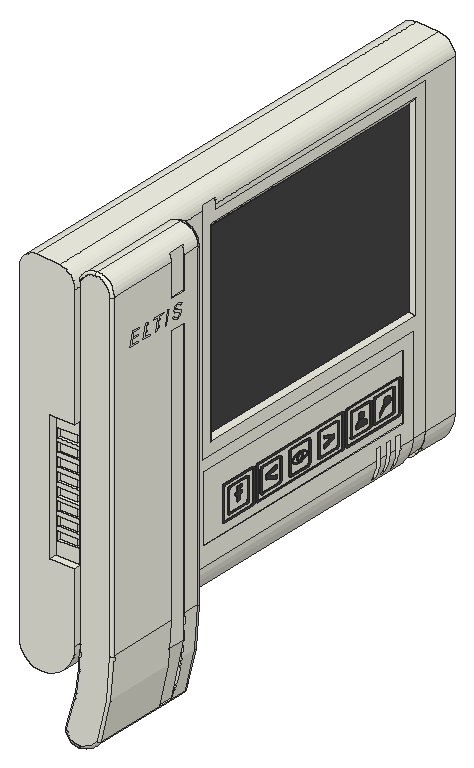
Revit family "Видеоманитор VM500-5.1CL", category Устройства вызова и оповещения, Revit 2017
Family settings
  Сохранять ориентацию аннотаций = Нет
  Размер круглого соединителя = Использовать диаметр
  Тип детали = Нормальный
  На основе рабочей плоскости = Нет
  Всегда вертикально = Да
  При загрузке вырезать с полостями = Нет
  Общий = Нет
  Точка расчета площади = Нет
Parameters (values of type "Видеомонитор VM500-5.1CL")
  Отступ от грани [instance] = 0 mm
  Описание = "Видеомонитор VM500-5.1CL"
  Градус [instance] = if(Вертикальные, 0.00°, 90.00°)  # 0.00°
  Горизонтальное [instance] = not(Вертикальные)  # no
  Вертикальные [instance] = yes
  URL = "https://www.eltis.com/catalog/videomonitory/530/2528/"
  ADSK_Этаж [instance] = ""
  ADSK_Обозначение = "VM500-5.1CL"
  ADSK_Наименование краткое = "Видеомонитор"
  ADSK_Наименование = "Видеомонитор VM500-5.1CL"
  ADSK_Масса = 0.5
  ADSK_Марка = "VM500-5.1CL"
  ADSK_Завод-изготовитель = "ELTIS"  # constant formula
Reference planes
  plane 1 "По центру (Вперед/Назад)": y = 0
  plane 2: z = 0
  plane 3 "Е1": x = 0
  plane 4 "Е1Е": z = 0
Lines and regions (mm)
  reference lines
    curve 1: line (1, 0, 1) -> (461, 0, 1)
Dimensions and locks
  "Отступ от грани": plane 4 "Е1Е" to level
  locked: curve 1 to plane 3 "Е1" at 1
  locked: curve 1 to plane 4 "Е1Е" at 1
  "Градус": angle plane 4 "Е1Е" to curve 1
  aligned and locked: level to plane 2
  aligned and locked: plane 1 "По центру (Вперед/Назад)" to nested 1
  aligned and locked: nested 1 to plane 3 "Е1"
  aligned and locked: plane 4 "Е1Е" to nested 2
  aligned and locked: nested 2 to plane 1 "По центру (Вперед/Назад)"
Nested families
  nested 1: "В_1" at (-44.185, -48.244, 0), visible <- "Горизонтальное", type "В_1"
    with Материал черный Черный пластик, Материал Бежевый пластик
  nested 2: "В_1" at (0, 28.071, -25.748) x (0, 1, 0) z (1, 0, 0), visible <- "Вертикальные", type "В_1"
    with Материал черный Черный пластик, Материал Бежевый пластик
Connectors
  electrical at (1, 0, 1)
    settings: on curve 1, index 1, voltage 0 V, apparent load 0 VA, apparent load phase1 0 VA, apparent load phase2 0 VA, apparent load phase3 0 VA, power factor 1, load classification "Прочее", number of poles 1, system type 12, power factor state 1, is connector primary yes, connector utility no, sub classification motor no, connector description ""
Definition of nested family "В_1"
  Parameters (values of type "В_1")
    Default Elevation = 1219.2 mm
    Материал черный [instance] = none
    Материал [instance] = none
  Reference planes
    plane 1 "По центру (Вперед/Назад)": y = 0
    plane 2: z = 0
    plane 3 "По центру (Влево/Вправо)": x = 0
    plane 4: y = 155
    plane 5 "Е1": x = 98.929
    plane 6 "1У": x = -98.929
  Forms (mm)
    Extrusion 1, solid
      sketch origin (0, 0, 0) x (1, 0, 0) y (0, 1, 0)
        loop
          line (-1219.2, 1219.2) -> (-1219.2, -1219.2) -> (1219.2, -1219.2) -> (1219.2, 1219.2) -> (-1219.2, 1219.2)
      from 0 to -304.8
    Extrusion 2, solid, material <- "Материал", detail levels medium+fine
      sketch origin (-98.929, 0, 0) x (0, 1, 0) y (0, 0, 1)
        loop
          arc (147.992, 5) -> (152.947, 7.053) -> (155, 12.008) r 7.008
          line (155, 12.008) -> (154.35, 21.441)
          arc (154.35, 21.441) -> (152.143, 26.092) -> (147.361, 28) r 7.044
          line (147.361, 28) -> (14, 28)
          arc (14, 28) -> (4.133, 23.913) -> (0.046, 14.046) r 13.954
          arc (0.046, 14.046) -> (1.965, 8.078) -> (7.427, 5) r 8.594
          line (7.427, 5) -> (147.992, 5)
      from 0 to 197.858
    Extrusion 3, void
      sketch origin (-98.929, 0, 0) x (0, 1, 0) y (0, 0, 1)
        loop
          line (96.92, 17.544) -> (96.92, 28) -> (43.08, 28) -> (43.08, 17.544) -> (96.92, 17.544)
      from 0 to 3
    Extrusion 4, void
      sketch origin (-98.929, 0, 0) x (0, 1, 0) y (0, 0, 1)
        loop
          line (91.166, 25.982) -> (91.166, 28) -> (87.349, 28) -> (87.349, 25.982) -> (91.166, 25.982)
        loop
          line (85.565, 28) -> (81.844, 28) -> (81.844, 25.982) -> (85.565, 25.982) -> (85.565, 28)
        loop
          line (80.059, 28) -> (76.344, 28) -> (76.344, 25.982) -> (80.059, 25.982) -> (80.059, 28)
        loop
          line (74.559, 28) -> (70.86, 28) -> (70.86, 25.982) -> (74.559, 25.982) -> (74.559, 28)
        loop
          line (69.075, 28) -> (65.36, 28) -> (65.36, 25.982) -> (69.075, 25.982) -> (69.075, 28)
        loop
          line (63.575, 28) -> (59.908, 28) -> (59.908, 25.982) -> (63.575, 25.982) -> (63.575, 28)
        loop
          line (58.124, 28) -> (54.402, 28) -> (54.402, 25.982) -> (58.124, 25.982) -> (58.124, 28)
        loop
          line (52.617, 28) -> (48.942, 28) -> (48.942, 25.982) -> (52.617, 25.982) -> (52.617, 28)
      from 0 to 39.537
    Extrusion 5, void
      sketch origin (-98.929, 0, 0) x (0, 1, 0) y (0, 0, 1)
        loop
          line (91.166, 25.982) -> (87.349, 25.982) -> (87.349, 18.456) -> (91.166, 18.456) -> (91.166, 25.982)
        loop
          line (85.565, 25.982) -> (81.844, 25.982) -> (81.844, 18.456) -> (85.565, 18.456) -> (85.565, 25.982)
        loop
          line (80.059, 25.982) -> (76.338, 25.982) -> (76.338, 18.456) -> (80.059, 18.456) -> (80.059, 25.982)
        loop
          line (74.559, 25.982) -> (70.838, 25.982) -> (70.838, 18.456) -> (74.559, 18.456) -> (74.559, 25.982)
        loop
          line (69.075, 25.982) -> (65.354, 25.982) -> (65.354, 18.456) -> (69.075, 18.456) -> (69.075, 25.982)
        loop
          line (63.575, 25.982) -> (59.907, 25.982) -> (59.907, 18.456) -> (63.575, 18.456) -> (63.575, 25.982)
        loop
          line (58.124, 25.982) -> (54.403, 25.982) -> (54.403, 18.456) -> (58.124, 18.456) -> (58.124, 25.982)
        loop
          line (52.617, 25.982) -> (48.942, 25.982) -> (48.942, 18.456) -> (52.617, 18.456) -> (52.617, 25.982)
      from 0 to 4.171
    Extrusion 6, void
      sketch origin (0, 0, 0) x (1, 0, 0) y (0, 1, 0)
        loop
          line (-32.601, 49.993) -> (-32.601, 21.893) -> (72.499, 21.893) -> (72.499, 49.993) -> (-32.601, 49.993)
      from 27.25 to 35
    Blend 7, void
      base sketch origin (0, 0, 0) x (1, 0, 0) y (0, 1, 0)
        loop
          line (-25.686, 138.483) -> (-25.686, 61.303) -> (76.884, 61.303) -> (76.884, 138.483) -> (-25.686, 138.483)
      top sketch origin (0, 0, 0) x (1, 0, 0) y (0, 1, 0)
        loop
          line (-28.309, 141.105) -> (-28.309, 58.681) -> (79.506, 58.681) -> (79.506, 141.105) -> (-28.309, 141.105)
      from 25.982 to 28
    Extrusion 8, void
      sketch origin (0, 0, 0) x (1, 0, 0) y (0, 1, 0)
        loop
          line (-32.686, 154.518) -> (-32.686, 54.303) -> (76.88, 54.303) -> (76.88, 13.947) -> (83.887, 13.947) -> (83.887, 145.487) -> (-25.683, 145.487) -> (-25.683, 154.518) -> (-32.686, 154.518)
      from 27.664 to 32.331
    Extrusion 9, void
      sketch origin (0, 0, 0) x (1, 0, 0) y (0, 1, 0)
        loop
          line (57.836, 19.018) -> (57.836, 0.886) -> (60.603, 0.886) -> (60.603, 19.018) -> (57.836, 19.018)
        loop
          line (62.836, 19.018) -> (62.836, 0.886) -> (65.603, 0.886) -> (65.603, 19.018) -> (62.836, 19.018)
        loop
          line (67.836, 19.018) -> (67.836, 0.886) -> (70.603, 0.886) -> (70.603, 19.018) -> (67.836, 19.018)
      from 24.73 to 35
    Extrusion 10, solid, material <- "Материал черный", detail levels fine
      sketch origin (0, 0, 0) x (1, 0, 0) y (0, 1, 0)
        loop
          line (-25.686, 138.483) -> (-25.686, 61.303) -> (76.884, 61.303) -> (76.884, 138.483) -> (-25.686, 138.483)
      from 25 to 26.5
    Extrusion 11, void
      sketch origin (98.929, 0, 0) x (0, 1, 0) y (0, 0, 1)
        loop
          line (13.947, 27.664) -> (13.947, 29.724) -> (0.683, 29.724) -> (0.683, 19.958) -> (2.522, 19.958)
          arc (2.522, 19.958) -> (7.124, 25.458) -> (13.947, 27.664) r 12.947
      from -22.049 to -15.042
    Extrusion 12, solid, material <- "Материал", detail levels medium+fine
      sketch origin (-98.929, 0, 0) x (0, 1, 0) y (0, 0, 1)
        loop
          arc (155, 35) -> (152.95, 39.95) -> (148, 42) r 7
          line (148, 42) -> (14, 42)
          arc (14, 42) -> (-3.152, 40.691) -> (-19.907, 36.796) r 113.062
          arc (-19.907, 36.796) -> (-23.233, 33.113) -> (-24.923, 28.448) r 12.91
          arc (-24.923, 28.448) -> (-23.636, 23.982) -> (-19.393, 22.086) r 5.515
          line (-19.393, 22.086) -> (-4.627, 26.042)
          arc (-4.627, 26.042) -> (4.635, 27.509) -> (14, 28) r 89.589
          line (14, 28) -> (150.454, 28)
          arc (150.454, 28) -> (153.764, 30.827) -> (155, 35) r 7.662
      from 1.98 to 47.528
    Sweep 13, void
      path in 3D
        loop
          arc (-96.949, -19.907, 36.796) -> (-96.949, -23.233, 33.113) -> (-96.949, -24.923, 28.448) r 12.91
          arc (-96.949, -24.923, 28.448) -> (-96.949, -23.636, 23.982) -> (-96.949, -19.393, 22.086) r 5.515
          line (-96.949, -19.393, 22.086) -> (-96.949, -4.627, 26.042)
          arc (-96.949, -4.627, 26.042) -> (-96.949, 4.635, 27.509) -> (-96.949, 14, 28) r 89.589
          line (-96.949, 14, 28) -> (-96.949, 150.454, 28)
          arc (-96.949, 150.454, 28) -> (-96.949, 153.764, 30.827) -> (-96.949, 155, 35) r 7.662
          arc (-96.949, 155, 35) -> (-96.949, 152.95, 39.95) -> (-96.949, 148, 42) r 7
          line (-96.949, 148, 42) -> (-96.949, 14, 42)
          arc (-96.949, 14, 42) -> (-96.949, -3.152, 40.691) -> (-96.949, -19.907, 36.796) r 113.062
      profile origin (-96.949, -3.152, 40.691) x (0, -0.151703, 0.988426) y (-1, 0, 0)
        loop
          arc (-1, 0) -> (-0.293, -0.293) -> (0, -1) r 1
          line (0, -1) -> (0, -5) -> (1.984, -5) -> (1.984, 2.002) -> (-5, 2.002) -> (-5, 0) -> (-1, 0)
    Sweep 14, void
      path in 3D
        loop
          arc (-51.401, -19.393, 22.086) -> (-51.401, -23.636, 23.982) -> (-51.401, -24.923, 28.448) r 5.515
          arc (-51.401, -24.923, 28.448) -> (-51.401, -23.233, 33.113) -> (-51.401, -19.907, 36.796) r 12.91
          arc (-51.401, -19.907, 36.796) -> (-51.401, -3.152, 40.691) -> (-51.401, 14, 42) r 113.062
          line (-51.401, 14, 42) -> (-51.401, 148, 42)
          arc (-51.401, 148, 42) -> (-51.401, 152.95, 39.95) -> (-51.401, 155, 35) r 7
          arc (-51.401, 155, 35) -> (-51.401, 153.764, 30.827) -> (-51.401, 150.454, 28) r 7.662
          line (-51.401, 150.454, 28) -> (-51.401, 14, 28)
      profile origin (-51.401, -3.152, 40.691) x (0, -0.151703, 0.988426) y (1, 0, 0)
        loop
          arc (-1, 0) -> (-0.293, -0.293) -> (0, -1) r 1
          line (0, -1) -> (0, -2.988) -> (1.952, -2.988) -> (1.952, 1.996) -> (-2.993, 1.996) -> (-2.993, 0) -> (-1, 0)
    Extrusion 15, void
      sketch origin (0, 0, 0) x (1, 0, 0) y (0, 1, 0)
        loop
          line (-86.951, 131.383) -> (-88.224, 125.393) -> (-83.404, 125.393) -> (-83.165, 126.557) -> (-86.566, 126.557) -> (-86.286, 127.939) -> (-83.348, 127.939) -> (-83.117, 129.038) -> (-86.049, 129.038) -> (-85.788, 130.263) -> (-82.458, 130.263) -> (-82.211, 131.383) -> (-86.951, 131.383)
        loop
          line (-81.434, 125.393) -> (-77.225, 125.393) -> (-76.981, 126.557) -> (-79.776, 126.557) -> (-78.741, 131.383) -> (-80.156, 131.383) -> (-81.434, 125.393)
        loop
          line (-73.91, 130.263) -> (-74.938, 125.393) -> (-73.522, 125.393) -> (-72.497, 130.26) -> (-70.684, 130.26) -> (-70.442, 131.383) -> (-75.476, 131.383) -> (-75.721, 130.263) -> (-73.91, 130.263)
        loop
          line (-69.807, 125.397) -> (-68.393, 125.393) -> (-67.115, 131.393) -> (-68.531, 131.393) -> (-69.807, 125.397)
        loop
          line (-64.395, 127.354) -> (-65.831, 127.35)
          arc (-65.831, 127.35) -> (-63.244, 125.298) -> (-60.657, 127.35) r 2.657
          arc (-60.657, 127.35) -> (-60.788, 128.14) -> (-61.441, 128.603) r 1.041
          arc (-61.441, 128.603) -> (-62.698, 128.973) -> (-63.763, 129.736) r 3.937
          arc (-63.763, 129.736) -> (-62.764, 130.551) -> (-61.765, 129.736) r 1.02
          line (-61.765, 129.736) -> (-60.415, 129.736)
          arc (-60.415, 129.736) -> (-62.816, 131.54) -> (-65.216, 129.736) r 2.499
          arc (-65.216, 129.736) -> (-65.049, 128.641) -> (-64.106, 128.059) r 1.32
          arc (-64.106, 128.059) -> (-63.152, 127.935) -> (-62.383, 127.354) r 1.882
          arc (-62.383, 127.354) -> (-63.389, 126.348) -> (-64.395, 127.354) r 1.006
      from 41.82 to 43.313
    Extrusion 16, void
      sketch origin (0, 0, 0) x (1, 0, 0) y (0, 1, 0)
        loop
          line (-66.405, 134.393) -> (-59.401, 134.393) -> (-59.401, 154.499) -> (-66.405, 154.499) -> (-66.405, 134.393)
        loop
          line (-66.405, 122.397) -> (-66.405, 3.428) -> (-59.401, 3.428) -> (-59.401, 122.397) -> (-66.405, 122.397)
      from 41.248 to 43.984
    Extrusion 17, void
      sketch origin (-98.929, 0, 0) x (0, 1, 0) y (0, 0, 1)
        loop
          line (3.428, 41.248) -> (3.428, 43.263) -> (-20.083, 38.274) -> (-19.674, 36.345) -> (3.428, 41.248)
      from 32.524 to 39.537
    Extrusion 18, solid, material <- "Материал черный", detail levels fine
      sketch origin (0, 0, 0) x (1, 0, 0) y (0, 1, 0)
        loop
          arc (-20.301, 39.993) -> (-21.008, 39.7) -> (-21.301, 38.993) r 1
          line (-21.301, 38.993) -> (-21.301, 27.345)
          arc (-21.301, 27.345) -> (-21.008, 26.638) -> (-20.301, 26.345) r 1
          line (-20.301, 26.345) -> (-6.701, 26.345)
          arc (-6.701, 26.345) -> (-5.994, 26.638) -> (-5.701, 27.345) r 1
          line (-5.701, 27.345) -> (-5.701, 38.993)
          arc (-5.701, 38.993) -> (-5.994, 39.7) -> (-6.701, 39.993) r 1
          line (-6.701, 39.993) -> (-20.301, 39.993)
        loop
          arc (-20.701, 40.393) -> (-21.408, 40.1) -> (-21.701, 39.393) r 1
          line (-21.701, 39.393) -> (-21.701, 26.863)
          arc (-21.701, 26.863) -> (-21.408, 26.156) -> (-20.701, 25.863) r 1
          line (-20.701, 25.863) -> (-6.271, 25.863)
          arc (-6.271, 25.863) -> (-5.564, 26.156) -> (-5.271, 26.863) r 1
          line (-5.271, 26.863) -> (-5.271, 39.393)
          arc (-5.271, 39.393) -> (-5.564, 40.1) -> (-6.271, 40.393) r 1
          line (-6.271, 40.393) -> (-20.701, 40.393)
        loop
          arc (-2.801, 39.993) -> (-3.508, 39.7) -> (-3.801, 38.993) r 1
          line (-3.801, 38.993) -> (-3.801, 27.345)
          arc (-3.801, 27.345) -> (-3.508, 26.638) -> (-2.801, 26.345) r 1
          line (-2.801, 26.345) -> (39.768, 26.345)
          arc (39.768, 26.345) -> (40.476, 26.638) -> (40.768, 27.345) r 1
          line (40.768, 27.345) -> (40.768, 38.993)
          arc (40.768, 38.993) -> (40.476, 39.7) -> (39.768, 39.993) r 1
          line (39.768, 39.993) -> (-2.801, 39.993)
        loop
          arc (-3.201, 40.393) -> (-3.908, 40.1) -> (-4.201, 39.393) r 1
          line (-4.201, 39.393) -> (-4.201, 26.863)
          arc (-4.201, 26.863) -> (-3.908, 26.156) -> (-3.201, 25.863) r 1
          line (-3.201, 25.863) -> (40.199, 25.863)
          arc (40.199, 25.863) -> (40.906, 26.156) -> (41.199, 26.863) r 1
          line (41.199, 26.863) -> (41.199, 39.393)
          arc (41.199, 39.393) -> (40.906, 40.1) -> (40.199, 40.393) r 1
          line (40.199, 40.393) -> (-3.201, 40.393)
        loop
          arc (43.699, 39.993) -> (42.992, 39.7) -> (42.699, 38.993) r 1
          line (42.699, 38.993) -> (42.699, 27.345)
          arc (42.699, 27.345) -> (42.992, 26.638) -> (43.699, 26.345) r 1
          line (43.699, 26.345) -> (69.268, 26.345)
          arc (69.268, 26.345) -> (69.976, 26.638) -> (70.268, 27.345) r 1
          line (70.268, 27.345) -> (70.268, 38.993)
          arc (70.268, 38.993) -> (69.976, 39.7) -> (69.268, 39.993) r 1
          line (69.268, 39.993) -> (43.699, 39.993)
        loop
          arc (43.299, 40.393) -> (42.592, 40.1) -> (42.299, 39.393) r 1
          line (42.299, 39.393) -> (42.299, 26.863)
          arc (42.299, 26.863) -> (42.592, 26.156) -> (43.299, 25.863) r 1
          line (43.299, 25.863) -> (69.699, 25.863)
          arc (69.699, 25.863) -> (70.406, 26.156) -> (70.699, 26.863) r 1
          line (70.699, 26.863) -> (70.699, 39.393)
          arc (70.699, 39.393) -> (70.406, 40.1) -> (69.699, 40.393) r 1
          line (69.699, 40.393) -> (43.299, 40.393)
        loop
          arc (-17.597, 37.917) -> (-18.304, 37.624) -> (-18.597, 36.917) r 1
          line (-18.597, 36.917) -> (-18.597, 29.343)
          arc (-18.597, 29.343) -> (-18.304, 28.636) -> (-17.597, 28.343) r 1
          line (-17.597, 28.343) -> (-9.732, 28.343)
          arc (-9.732, 28.343) -> (-9.024, 28.636) -> (-8.732, 29.343) r 1
          line (-8.732, 29.343) -> (-8.732, 36.917)
          arc (-8.732, 36.917) -> (-9.024, 37.624) -> (-9.732, 37.917) r 1
          line (-9.732, 37.917) -> (-17.597, 37.917)
        loop
          arc (-17.997, 38.317) -> (-18.704, 38.024) -> (-18.997, 37.317) r 1
          line (-18.997, 37.317) -> (-18.997, 28.861)
          arc (-18.997, 28.861) -> (-18.704, 28.154) -> (-17.997, 27.861) r 1
          line (-17.997, 27.861) -> (-9.301, 27.861)
          arc (-9.301, 27.861) -> (-8.594, 28.154) -> (-8.301, 28.861) r 1
          line (-8.301, 28.861) -> (-8.301, 37.317)
          arc (-8.301, 37.317) -> (-8.594, 38.024) -> (-9.301, 38.317) r 1
          line (-9.301, 38.317) -> (-17.997, 38.317)
        loop
          arc (-0.597, 37.917) -> (-1.304, 37.624) -> (-1.597, 36.917) r 1
          line (-1.597, 36.917) -> (-1.597, 29.343)
          arc (-1.597, 29.343) -> (-1.304, 28.636) -> (-0.597, 28.343) r 1
          line (-0.597, 28.343) -> (7.268, 28.343)
          arc (7.268, 28.343) -> (7.976, 28.636) -> (8.268, 29.343) r 1
          line (8.268, 29.343) -> (8.268, 36.917)
          arc (8.268, 36.917) -> (7.976, 37.624) -> (7.268, 37.917) r 1
          line (7.268, 37.917) -> (-0.597, 37.917)
        loop
          arc (-0.997, 38.317) -> (-1.704, 38.024) -> (-1.997, 37.317) r 1
          line (-1.997, 37.317) -> (-1.997, 28.861)
          arc (-1.997, 28.861) -> (-1.704, 28.154) -> (-0.997, 27.861) r 1
          line (-0.997, 27.861) -> (7.699, 27.861)
          arc (7.699, 27.861) -> (8.406, 28.154) -> (8.699, 28.861) r 1
          line (8.699, 28.861) -> (8.699, 37.317)
          arc (8.699, 37.317) -> (8.406, 38.024) -> (7.699, 38.317) r 1
          line (7.699, 38.317) -> (-0.997, 38.317)
        loop
          arc (14.403, 37.917) -> (13.696, 37.624) -> (13.403, 36.917) r 1
          line (13.403, 36.917) -> (13.403, 29.343)
          arc (13.403, 29.343) -> (13.696, 28.636) -> (14.403, 28.343) r 1
          line (14.403, 28.343) -> (22.268, 28.343)
          arc (22.268, 28.343) -> (22.976, 28.636) -> (23.268, 29.343) r 1
          line (23.268, 29.343) -> (23.268, 36.917)
          arc (23.268, 36.917) -> (22.976, 37.624) -> (22.268, 37.917) r 1
          line (22.268, 37.917) -> (14.403, 37.917)
        loop
          arc (14.003, 38.317) -> (13.296, 38.024) -> (13.003, 37.317) r 1
          line (13.003, 37.317) -> (13.003, 28.861)
          arc (13.003, 28.861) -> (13.296, 28.154) -> (14.003, 27.861) r 1
          line (14.003, 27.861) -> (22.699, 27.861)
          arc (22.699, 27.861) -> (23.406, 28.154) -> (23.699, 28.861) r 1
          line (23.699, 28.861) -> (23.699, 37.317)
          arc (23.699, 37.317) -> (23.406, 38.024) -> (22.699, 38.317) r 1
          line (22.699, 38.317) -> (14.003, 38.317)
        loop
          arc (29.403, 37.917) -> (28.696, 37.624) -> (28.403, 36.917) r 1
          line (28.403, 36.917) -> (28.403, 29.343)
          arc (28.403, 29.343) -> (28.696, 28.636) -> (29.403, 28.343) r 1
          line (29.403, 28.343) -> (37.268, 28.343)
          arc (37.268, 28.343) -> (37.976, 28.636) -> (38.268, 29.343) r 1
          line (38.268, 29.343) -> (38.268, 36.917)
          arc (38.268, 36.917) -> (37.976, 37.624) -> (37.268, 37.917) r 1
          line (37.268, 37.917) -> (29.403, 37.917)
        loop
          arc (29.003, 38.317) -> (28.296, 38.024) -> (28.003, 37.317) r 1
          line (28.003, 37.317) -> (28.003, 28.861)
          arc (28.003, 28.861) -> (28.296, 28.154) -> (29.003, 27.861) r 1
          line (29.003, 27.861) -> (37.699, 27.861)
          arc (37.699, 27.861) -> (38.406, 28.154) -> (38.699, 28.861) r 1
          line (38.699, 28.861) -> (38.699, 37.317)
          arc (38.699, 37.317) -> (38.406, 38.024) -> (37.699, 38.317) r 1
          line (37.699, 38.317) -> (29.003, 38.317)
        loop
          arc (46.403, 37.917) -> (45.696, 37.624) -> (45.403, 36.917) r 1
          line (45.403, 36.917) -> (45.403, 29.343)
          arc (45.403, 29.343) -> (45.696, 28.636) -> (46.403, 28.343) r 1
          line (46.403, 28.343) -> (54.268, 28.343)
          arc (54.268, 28.343) -> (54.976, 28.636) -> (55.268, 29.343) r 1
          line (55.268, 29.343) -> (55.268, 36.917)
          arc (55.268, 36.917) -> (54.976, 37.624) -> (54.268, 37.917) r 1
          line (54.268, 37.917) -> (46.403, 37.917)
        loop
          arc (46.003, 38.317) -> (45.296, 38.024) -> (45.003, 37.317) r 1
          line (45.003, 37.317) -> (45.003, 28.861)
          arc (45.003, 28.861) -> (45.296, 28.154) -> (46.003, 27.861) r 1
          line (46.003, 27.861) -> (54.699, 27.861)
          arc (54.699, 27.861) -> (55.406, 28.154) -> (55.699, 28.861) r 1
          line (55.699, 28.861) -> (55.699, 37.317)
          arc (55.699, 37.317) -> (55.406, 38.024) -> (54.699, 38.317) r 1
          line (54.699, 38.317) -> (46.003, 38.317)
        loop
          arc (58.403, 37.917) -> (57.696, 37.624) -> (57.403, 36.917) r 1
          line (57.403, 36.917) -> (57.403, 29.343)
          arc (57.403, 29.343) -> (57.696, 28.636) -> (58.403, 28.343) r 1
          line (58.403, 28.343) -> (66.268, 28.343)
          arc (66.268, 28.343) -> (66.976, 28.636) -> (67.268, 29.343) r 1
          line (67.268, 29.343) -> (67.268, 36.917)
          arc (67.268, 36.917) -> (66.976, 37.624) -> (66.268, 37.917) r 1
          line (66.268, 37.917) -> (58.403, 37.917)
        loop
          arc (58.003, 38.317) -> (57.296, 38.024) -> (57.003, 37.317) r 1
          line (57.003, 37.317) -> (57.003, 28.861)
          arc (57.003, 28.861) -> (57.296, 28.154) -> (58.003, 27.861) r 1
          line (58.003, 27.861) -> (66.699, 27.861)
          arc (66.699, 27.861) -> (67.406, 28.154) -> (67.699, 28.861) r 1
          line (67.699, 28.861) -> (67.699, 37.317)
          arc (67.699, 37.317) -> (67.406, 38.024) -> (66.699, 38.317) r 1
          line (66.699, 38.317) -> (58.003, 38.317)
        loop
          line (-14.371, 33.429) -> (-14.371, 30.885) -> (-13.079, 30.885) -> (-13.079, 33.429) -> (-12.107, 33.429) -> (-12.107, 34.408) -> (-13.079, 34.408) -> (-13.079, 35.442) -> (-12.107, 35.442) -> (-12.107, 36.457) -> (-13.609, 36.457)
          arc (-13.609, 36.457) -> (-14.159, 36.076) -> (-14.371, 35.442) r 1.056
          line (-14.371, 35.442) -> (-14.371, 34.408) -> (-15.375, 34.408) -> (-15.375, 33.429) -> (-14.371, 33.429)
        loop
          line (0.999, 34.064) -> (0.999, 32.322) -> (5.999, 30.693) -> (5.999, 31.955) -> (2.199, 33.193) -> (5.999, 34.431) -> (5.999, 35.693) -> (0.999, 34.064)
        loop
          line (34.799, 33.193) -> (30.999, 31.955) -> (30.999, 30.693) -> (35.999, 32.322) -> (35.999, 34.064) -> (30.999, 35.693) -> (30.999, 34.431) -> (34.799, 33.193)
        loop
          arc (14.499, 32.993) -> (18.499, 31.081) -> (22.499, 32.993) r 5.14
          arc (22.499, 32.993) -> (18.499, 31.502) -> (14.499, 32.993) r 6.111
        loop
          arc (22.499, 33.393) -> (18.499, 35.305) -> (14.499, 33.393) r 5.14
          arc (14.499, 33.393) -> (18.499, 34.884) -> (22.499, 33.393) r 6.111
        loop
          circle (18.486, 33.167) r 1.471
        loop
          circle (18.486, 33.167) r 1.167
        loop
          line (62.422, 33.493) -> (60.139, 30.868) -> (60.139, 29.664) -> (63.221, 32.745)
          arc (63.221, 32.745) -> (65.003, 35.449) -> (62.422, 33.493) r 1.643
        loop
          circle (50.517, 34.662) r 1.298
        loop
          line (47.929, 31.446) -> (47.929, 30.436) -> (53.095, 30.436) -> (53.095, 31.356)
          arc (53.095, 31.356) -> (50.546, 33.326) -> (47.929, 31.446) r 2.696
      from 26.2 to 28
    Extrusion 19, solid, material <- "Материал", detail levels fine
      sketch origin (0, 0, 0) x (1, 0, 0) y (0, 1, 0)
        loop
          arc (-79.924, 41.629) -> (-78.611, 38.459) -> (-75.442, 37.146) r 4.483
          line (-75.442, 37.146) -> (28.446, 37.146)
          arc (28.446, 37.146) -> (31.616, 38.459) -> (32.929, 41.629) r 4.483
          line (32.929, 41.629) -> (32.929, 46.251)
          arc (32.929, 46.251) -> (33.513, 47.66) -> (34.921, 48.244) r 1.992
          line (34.921, 48.244) -> (69.446, 48.244)
          arc (69.446, 48.244) -> (72.616, 49.557) -> (73.929, 52.727) r 4.483
          line (73.929, 52.727) -> (73.929, 142.517)
          arc (73.929, 142.517) -> (72.554, 145.689) -> (69.3, 146.854) r 4.346
          line (69.3, 146.854) -> (-75.442, 146.854)
          arc (-75.442, 146.854) -> (-78.611, 145.541) -> (-79.924, 142.371) r 4.483
          line (-79.924, 142.371) -> (-79.924, 41.629)
        loop
          line (-68.053, 24.131) -> (-68.053, 2.648)
          arc (-68.053, 2.648) -> (-67.564, 1.466) -> (-66.382, 0.977) r 1.671
          line (-66.382, 0.977) -> (-29.637, 0.977)
          arc (-29.637, 0.977) -> (-28.53, 1.436) -> (-28.071, 2.543) r 1.566
          line (-28.071, 2.543) -> (-28.071, 23.947)
          arc (-28.071, 23.947) -> (-28.598, 25.22) -> (-29.872, 25.748) r 1.801
          line (-29.872, 25.748) -> (-66.437, 25.748)
          arc (-66.437, 25.748) -> (-67.58, 25.275) -> (-68.053, 24.131) r 1.617
      from 1.5 to 11.755
    Extrusion 20, solid, material <- "Материал"
      sketch origin (0, 0, 0) x (1, 0, 0) y (0, 1, 0)
        loop
          line (-28.071, 8.146) -> (12.3, 8.146)
          arc (12.3, 8.146) -> (15.47, 9.459) -> (16.783, 12.629) r 4.483
          line (16.783, 12.629) -> (16.927, 21.373)
          arc (16.927, 21.373) -> (15.572, 24.645) -> (12.3, 26) r 4.627
          line (12.3, 26) -> (-75.295, 26)
          arc (-75.295, 26) -> (-78.569, 24.644) -> (-79.924, 21.371) r 4.629
          line (-79.924, 21.371) -> (-79.924, 12.629)
          arc (-79.924, 12.629) -> (-78.611, 9.459) -> (-75.442, 8.146) r 4.483
          line (-75.442, 8.146) -> (-28.071, 8.146)
      from 2.963 to 5
    Extrusion 21, solid, material <- "Материал"
      sketch origin (0, 0, 0) x (1, 0, 0) y (0, 1, 0)
        loop
          line (-2.071, 57) -> (-2.071, 48)
          arc (-2.071, 48) -> (4.429, 41.5) -> (10.929, 48) r 6.5
          line (10.929, 48) -> (10.929, 57)
          arc (10.929, 57) -> (4.429, 63.5) -> (-2.071, 57) r 6.5
        loop
          line (-68.071, 138) -> (-68.071, 129)
          arc (-68.071, 129) -> (-61.571, 122.5) -> (-55.071, 129) r 6.5
          line (-55.071, 129) -> (-55.071, 138)
          arc (-55.071, 138) -> (-61.571, 144.5) -> (-68.071, 138) r 6.5
        loop
          line (56.929, 129) -> (56.929, 138)
          arc (56.929, 138) -> (50.429, 144.5) -> (43.929, 138) r 6.5
          line (43.929, 138) -> (43.929, 129)
          arc (43.929, 129) -> (50.429, 122.5) -> (56.929, 129) r 6.5
        loop
          line (54.929, 129) -> (54.929, 133.31) -> (53.192, 133.31) -> (53.192, 138)
          arc (53.192, 138) -> (50.429, 140.762) -> (47.667, 138) r 2.762
          line (47.667, 138) -> (47.667, 133.31) -> (45.929, 133.31) -> (45.929, 129)
          arc (45.929, 129) -> (50.429, 124.5) -> (54.929, 129) r 4.5
        loop
          line (-57.071, 129) -> (-57.071, 133.004) -> (-58.808, 133.004) -> (-58.808, 138)
          arc (-58.808, 138) -> (-61.571, 140.762) -> (-64.333, 138) r 2.762
          line (-64.333, 138) -> (-64.333, 133.004) -> (-66.071, 133.004) -> (-66.071, 129)
          arc (-66.071, 129) -> (-61.571, 124.5) -> (-57.071, 129) r 4.5
        loop
          line (1.667, 57) -> (1.667, 51.945) -> (-0.071, 51.945) -> (-0.071, 48)
          arc (-0.071, 48) -> (4.429, 43.5) -> (8.929, 48) r 4.5
          line (8.929, 48) -> (8.929, 51.945) -> (7.192, 51.945) -> (7.192, 57)
          arc (7.192, 57) -> (4.429, 59.762) -> (1.667, 57) r 2.762
      from 0 to 1.5
    Extrusion 22, void
      sketch origin (0, 0, 0) x (1, 0, 0) y (0, 1, 0)
        loop
          line (44.185, 48.244) -> (44.185, 11.756) -> (62.412, 11.756)
          arc (62.412, 11.756) -> (63.539, 12.058) -> (64.364, 12.884) r 2.255
          line (64.364, 12.884) -> (66.078, 14.597)
          arc (66.078, 14.597) -> (67.712, 15.753) -> (69.689, 16.056) r 4.358
          line (69.689, 16.056) -> (96.175, 16.056) -> (96.175, 23.944) -> (87.665, 23.944)
          arc (87.665, 23.944) -> (86.256, 24.527) -> (85.673, 25.936) r 1.992
          line (85.673, 25.936) -> (85.673, 46.251)
          arc (85.673, 46.251) -> (84.352, 47.705) -> (82.462, 48.244) r 3.583
          line (82.462, 48.244) -> (44.185, 48.244)
      from 1.5 to 6.357
    Extrusion 23, solid, material <- "Материал", detail levels coarse
      sketch origin (0, 0, 0) x (1, 0, 0) y (0, 1, 0)
        loop
          line (-98.929, 155) -> (-98.929, 0.029) -> (98.929, 0.029) -> (98.929, 155) -> (-98.929, 155)
      from 0 to 45
  Cuts and joins
    Extrusion 3, Extrusion 4, Extrusion 5, Extrusion 6, Blend 7, Extrusion 8, Extrusion 9, Extrusion 11, Extrusion 15, Extrusion 22 cuts Extrusion 2
    Sweep 13, Sweep 14, Extrusion 15, Extrusion 16, Extrusion 17 cuts Extrusion 12
    Extrusion 22 cuts Extrusion 18
    Extrusion 22 cuts Extrusion 19
  Lines and regions (mm)
    sketch lines
      curve 1: arc (-96.949, 14, 42) -> (-96.949, -3.152, 40.691) -> (-96.949, -19.907, 36.796) r 113.062
      curve 2: line (-96.949, 14, 42) -> (-96.949, 148, 42)
      curve 3: arc (-96.949, -19.907, 36.796) -> (-96.949, -23.233, 33.113) -> (-96.949, -24.923, 28.448) r 12.91
      curve 4: arc (-96.949, -24.923, 28.448) -> (-96.949, -23.636, 23.982) -> (-96.949, -19.393, 22.086) r 5.515
      curve 5: arc (-96.949, 155, 35) -> (-96.949, 152.95, 39.95) -> (-96.949, 148, 42) r 7
      curve 6: arc (-96.949, 150.454, 28) -> (-96.949, 153.764, 30.827) -> (-96.949, 155, 35) r 7.662
      curve 7: line (-96.949, 150.454, 28) -> (-96.949, 14, 28)
      curve 8: line (-96.949, -4.627, 26.042) -> (-96.949, -19.393, 22.086)
      curve 9: arc (-96.949, -4.627, 26.042) -> (-96.949, 4.635, 27.509) -> (-96.949, 14, 28) r 89.589
      curve 10: arc (-51.401, -19.907, 36.796) -> (-51.401, -3.152, 40.691) -> (-51.401, 14, 42) r 113.062
      curve 11: arc (-51.401, -24.923, 28.448) -> (-51.401, -23.233, 33.113) -> (-51.401, -19.907, 36.796) r 12.91
      curve 12: arc (-51.401, -19.393, 22.086) -> (-51.401, -23.636, 23.982) -> (-51.401, -24.923, 28.448) r 5.515
      curve 13: line (-51.401, 148, 42) -> (-51.401, 14, 42)
      curve 14: arc (-51.401, 148, 42) -> (-51.401, 152.95, 39.95) -> (-51.401, 155, 35) r 7
      curve 15: arc (-51.401, 155, 35) -> (-51.401, 153.764, 30.827) -> (-51.401, 150.454, 28) r 7.662
      curve 16: line (-51.401, 14, 28) -> (-51.401, 150.454, 28)
  Dimensions and locks
    plane 1 "По центру (Вперед/Назад)" to plane 4 = 155 mm
    equal spacing: plane 6 "1У", plane 3 "По центру (Влево/Вправо)", plane 5 "Е1"
    plane 6 "1У" to plane 5 "Е1" = 197.858 mm
    aligned and locked: plane 2 to Extrusion 1
    aligned and locked: level to Extrusion 1
    aligned and locked: plane 5 "Е1" to Extrusion 2
    aligned and locked: Extrusion 2 to plane 6 "1У"
    aligned and locked: Extrusion 20 to cut or joined group of Extrusion 2, Extrusion 3, Extrusion 4, Extrusion 5, Extrusion 6, Blend 7, Extrusion 8, Extrusion 9, Extrusion 11, Extrusion 15, Extrusion 22
    aligned and locked: Extrusion 21 to level
  Automatic sketch dimensions
    Extrusion 1 sketch curve to Extrusion 1 sketch curve = 2438.4 mm  (x2)
    level to Extrusion 3 sketch curve = 17.544 mm
    Extrusion 3 sketch curve to plane 1 "По центру (Вперед/Назад)" = 43.08 mm
    Extrusion 3 sketch curve to Extrusion 3 sketch curve = 10.456 mm
    Extrusion 3 sketch curve to Extrusion 3 sketch curve = 53.84 mm
    Extrusion 4 sketch curve to plane 1 "По центру (Вперед/Назад)" = 48.942 mm
    Extrusion 4 sketch curve to Extrusion 4 sketch curve = 3.676 mm
    Extrusion 4 sketch curve to Extrusion 4 sketch curve = 1.785 mm  (x7)
    Extrusion 4 sketch curve to Extrusion 4 sketch curve = 3.722 mm
    Extrusion 4 sketch curve to Extrusion 4 sketch curve = 3.667 mm
    Extrusion 4 sketch curve to Extrusion 4 sketch curve = 3.715 mm  (x2)
    Extrusion 4 sketch curve to Extrusion 4 sketch curve = 3.699 mm
    Extrusion 4 sketch curve to Extrusion 4 sketch curve = 3.721 mm
    Extrusion 4 sketch curve to Extrusion 4 sketch curve = 3.816 mm
    level to Extrusion 4 sketch curve = 25.982 mm  (x2)
    Extrusion 4 sketch curve to Extrusion 4 sketch curve = 0 mm  (x12)
    Extrusion 4 sketch curve to Extrusion 4 sketch curve = 2.018 mm  (x2)
    Extrusion 5 sketch curve to plane 1 "По центру (Вперед/Назад)" = 48.942 mm
    Extrusion 5 sketch curve to Extrusion 5 sketch curve = 3.676 mm
    Extrusion 5 sketch curve to Extrusion 5 sketch curve = 1.786 mm
    Extrusion 5 sketch curve to Extrusion 5 sketch curve = 3.721 mm  (x5)
    Extrusion 5 sketch curve to Extrusion 5 sketch curve = 1.783 mm
    Extrusion 5 sketch curve to Extrusion 5 sketch curve = 3.669 mm
    Extrusion 5 sketch curve to Extrusion 5 sketch curve = 1.779 mm  (x2)
    Extrusion 5 sketch curve to Extrusion 5 sketch curve = 1.763 mm
    Extrusion 5 sketch curve to Extrusion 5 sketch curve = 1.785 mm  (x2)
    Extrusion 5 sketch curve to Extrusion 5 sketch curve = 3.816 mm
    level to Extrusion 5 sketch curve = 18.456 mm  (x2)
    Extrusion 5 sketch curve to Extrusion 5 sketch curve = 0 mm  (x13)
    Extrusion 5 sketch curve to Extrusion 5 sketch curve = 7.525 mm
    Extrusion 2 sketch curve to plane 4 = 0 mm
    plane 4 to Extrusion 2 sketch curve = 0.65 mm
    level to Extrusion 2 sketch curve = 5 mm
    plane 4 to Extrusion 2 sketch curve = 7.008 mm
    plane 4 to Extrusion 2 sketch curve = 7.639 mm
    Extrusion 2 sketch curve to Extrusion 2 sketch curve = 0.038 mm
    Extrusion 2 sketch curve to Extrusion 2 sketch curve = 5.376 mm
    Extrusion 2 sketch curve to Extrusion 2 sketch curve = 8.511 mm
    Extrusion 2 sketch curve to Extrusion 2 sketch curve = 0.536 mm
    Extrusion 2 sketch curve to Extrusion 2 sketch curve = 8.948 mm
    Extrusion 2 sketch curve to Extrusion 2 sketch curve = 0.484 mm
    Extrusion 2 sketch curve to plane 1 "По центру (Вперед/Назад)" = 7.427 mm
    Extrusion 6 sketch curve to plane 3 "По центру (Влево/Вправо)" = 32.601 mm
    Extrusion 6 sketch curve to plane 5 "Е1" = 26.43 mm
    Extrusion 6 sketch curve to plane 1 "По центру (Вперед/Назад)" = 21.893 mm
    Extrusion 6 sketch curve to Extrusion 6 sketch curve = 28.1 mm
    Blend 7 sketch curve to plane 3 "По центру (Влево/Вправо)" = 25.686 mm
    Blend 7 sketch curve to plane 5 "Е1" = 22.045 mm
    Blend 7 sketch curve to plane 1 "По центру (Вперед/Назад)" = 61.303 mm
    plane 4 to Blend 7 sketch curve = 16.517 mm
    Blend 7 sketch curve to plane 3 "По центру (Влево/Вправо)" = 28.309 mm
    Blend 7 sketch curve to plane 5 "Е1" = 19.423 mm
    Blend 7 sketch curve to plane 1 "По центру (Вперед/Назад)" = 58.681 mm
    plane 4 to Blend 7 sketch curve = 13.895 mm
    Extrusion 8 sketch curve to plane 3 "По центру (Влево/Вправо)" = 32.686 mm
    Extrusion 8 sketch curve to Extrusion 8 sketch curve = 7.003 mm
    Extrusion 8 sketch curve to plane 5 "Е1" = 22.049 mm
    Extrusion 8 sketch curve to Extrusion 8 sketch curve = 7.007 mm
    Extrusion 8 sketch curve to plane 1 "По центру (Вперед/Назад)" = 13.947 mm
    Extrusion 8 sketch curve to Extrusion 8 sketch curve = 40.357 mm
    plane 4 to Extrusion 8 sketch curve = 9.513 mm
    plane 4 to Extrusion 8 sketch curve = 0.482 mm
    Extrusion 9 sketch curve to plane 1 "По центру (Вперед/Назад)" = 0.886 mm  (x3)
    Extrusion 9 sketch curve to plane 5 "Е1" = 41.093 mm
    Extrusion 9 sketch curve to Extrusion 9 sketch curve = 2.766 mm  (x3)
    Extrusion 9 sketch curve to Extrusion 9 sketch curve = 2.234 mm  (x2)
    Extrusion 9 sketch curve to Extrusion 9 sketch curve = 18.132 mm
    Extrusion 9 sketch curve to Extrusion 9 sketch curve = 0 mm  (x2)
    Extrusion 10 sketch curve to plane 3 "По центру (Влево/Вправо)" = 25.686 mm
    Extrusion 10 sketch curve to plane 5 "Е1" = 22.045 mm
    Extrusion 10 sketch curve to plane 1 "По центру (Вперед/Назад)" = 61.303 mm
    plane 4 to Extrusion 10 sketch curve = 16.517 mm
    Extrusion 11 sketch curve to plane 1 "По центру (Вперед/Назад)" = 2.522 mm
    Extrusion 11 sketch curve to Extrusion 11 sketch curve = 11.425 mm
    Extrusion 11 sketch curve to Extrusion 11 sketch curve = 0.417 mm
    level to Extrusion 11 sketch curve = 14.724 mm
    Extrusion 11 sketch curve to Extrusion 11 sketch curve = 5.234 mm
    Extrusion 11 sketch curve to Extrusion 11 sketch curve = 2.059 mm
    Extrusion 11 sketch curve to plane 1 "По центру (Вперед/Назад)" = 0.683 mm
    Sweep 13 sketch curve to profile plane = 0 mm
    profile plane to Sweep 13 sketch curve = 0 mm
    profile plane to Sweep 13 sketch curve = 1 mm
    Sweep 13 sketch curve to Sweep 13 sketch curve = 4 mm  (x2)
    Sweep 13 sketch curve to profile plane = 1.984 mm
    profile plane to Sweep 13 sketch curve = 2.002 mm
    Extrusion 12 sketch curve to plane 4 = 0 mm  (x2)
    plane 4 to Extrusion 12 sketch curve = 7 mm
    Extrusion 12 sketch curve to Extrusion 12 sketch curve = 0.662 mm
    Extrusion 12 sketch curve to plane 1 "По центру (Вперед/Назад)" = 14 mm
    Extrusion 12 sketch curve to Extrusion 12 sketch curve = 0 mm
    plane 1 "По центру (Вперед/Назад)" to Extrusion 12 sketch curve = 4.627 mm
    Extrusion 12 sketch curve to Extrusion 12 sketch curve = 7.54 mm
    Extrusion 12 sketch curve to Extrusion 12 sketch curve = 7.226 mm
    Extrusion 12 sketch curve to Extrusion 12 sketch curve = 0.081 mm
    Extrusion 12 sketch curve to level = 71.062 mm
    Extrusion 12 sketch curve to Extrusion 12 sketch curve = 9.473 mm
    level to Extrusion 12 sketch curve = 22.086 mm
    Extrusion 12 sketch curve to Extrusion 12 sketch curve = 3.957 mm
    Extrusion 12 sketch curve to Extrusion 12 sketch curve = 0.422 mm
    Extrusion 12 sketch curve to Extrusion 12 sketch curve = 5.514 mm
    plane 4 to Extrusion 12 sketch curve = 4.546 mm
    Extrusion 12 sketch curve to Extrusion 12 sketch curve = 0.433 mm
    Sweep 14 sketch curve to profile plane = 0 mm  (x2)
    profile plane to Sweep 14 sketch curve = 1 mm
    Sweep 14 sketch curve to Sweep 14 sketch curve = 1.993 mm
    Sweep 14 sketch curve to profile plane = 1.952 mm
    Sweep 14 sketch curve to Sweep 14 sketch curve = 1.988 mm
    profile plane to Sweep 14 sketch curve = 1.996 mm
    plane 6 "1У" to Extrusion 15 sketch curve = 10.705 mm
    Extrusion 15 sketch curve to Extrusion 15 sketch curve = 1.273 mm
    Extrusion 15 sketch curve to Extrusion 15 sketch curve = 1.658 mm  (x3)
    Extrusion 15 sketch curve to Extrusion 15 sketch curve = 0.28 mm
    Extrusion 15 sketch curve to Extrusion 15 sketch curve = 0.238 mm
    Extrusion 15 sketch curve to Extrusion 15 sketch curve = 0.26 mm
    Extrusion 15 sketch curve to Extrusion 15 sketch curve = 3.162 mm
    Extrusion 15 sketch curve to Extrusion 15 sketch curve = 0.056 mm
    Extrusion 15 sketch curve to Extrusion 15 sketch curve = 0.239 mm
    Extrusion 15 sketch curve to Extrusion 15 sketch curve = 0.23 mm
    Extrusion 15 sketch curve to Extrusion 15 sketch curve = 0.659 mm
    Extrusion 15 sketch curve to Extrusion 15 sketch curve = 0.247 mm
    Extrusion 15 sketch curve to Extrusion 15 sketch curve = 1.97 mm
    Extrusion 15 sketch curve to Extrusion 15 sketch curve = 2.055 mm
    Extrusion 15 sketch curve to Extrusion 15 sketch curve = 1.415 mm  (x4)
    Extrusion 15 sketch curve to Extrusion 15 sketch curve = 2.551 mm
    Extrusion 15 sketch curve to Extrusion 15 sketch curve = 0.243 mm
    Extrusion 15 sketch curve to Extrusion 15 sketch curve = 3.02 mm
    Extrusion 15 sketch curve to Extrusion 15 sketch curve = 0.245 mm
    Extrusion 15 sketch curve to Extrusion 15 sketch curve = 2.287 mm
    Extrusion 15 sketch curve to Extrusion 15 sketch curve = 1.811 mm
    Extrusion 15 sketch curve to Extrusion 15 sketch curve = 1.414 mm
    Extrusion 15 sketch curve to Extrusion 15 sketch curve = 1.812 mm
    Extrusion 15 sketch curve to Extrusion 15 sketch curve = 0.242 mm
    Extrusion 15 sketch curve to Extrusion 15 sketch curve = 3.715 mm
    Extrusion 15 sketch curve to Extrusion 15 sketch curve = 1.912 mm
    Extrusion 15 sketch curve to Extrusion 15 sketch curve = 2.562 mm
    Extrusion 15 sketch curve to Extrusion 15 sketch curve = 0.446 mm
    Extrusion 15 sketch curve to Extrusion 15 sketch curve = 0.531 mm
    Extrusion 15 sketch curve to Extrusion 15 sketch curve = 1.006 mm
    Extrusion 15 sketch curve to Extrusion 15 sketch curve = 0.145 mm
    Extrusion 15 sketch curve to Extrusion 15 sketch curve = 0.428 mm
    Extrusion 15 sketch curve to Extrusion 15 sketch curve = 0.051 mm
    Extrusion 15 sketch curve to Extrusion 15 sketch curve = 0.999 mm
    Extrusion 15 sketch curve to Extrusion 15 sketch curve = 0.713 mm
    Extrusion 15 sketch curve to Extrusion 15 sketch curve = 0.794 mm
    Extrusion 15 sketch curve to Extrusion 15 sketch curve = 1.35 mm
    plane 4 to Extrusion 15 sketch curve = 29.607 mm
    Extrusion 15 sketch curve to Extrusion 15 sketch curve = 0 mm  (x6)
    Extrusion 15 sketch curve to Extrusion 15 sketch curve = 0.003 mm  (x2)
    Extrusion 15 sketch curve to Extrusion 15 sketch curve = 0.8 mm
    Extrusion 15 sketch curve to Extrusion 15 sketch curve = 1.164 mm  (x2)
    Extrusion 15 sketch curve to Extrusion 15 sketch curve = 1.157 mm
    Extrusion 15 sketch curve to Extrusion 15 sketch curve = 1.161 mm
    Extrusion 15 sketch curve to Extrusion 15 sketch curve = 0.234 mm
    Extrusion 15 sketch curve to Extrusion 15 sketch curve = 1.382 mm
    Extrusion 15 sketch curve to Extrusion 15 sketch curve = 0.602 mm
    Extrusion 15 sketch curve to Extrusion 15 sketch curve = 1.1 mm
    Extrusion 15 sketch curve to Extrusion 15 sketch curve = 1.086 mm
    Extrusion 15 sketch curve to Extrusion 15 sketch curve = 0.328 mm
    Extrusion 15 sketch curve to Extrusion 15 sketch curve = 0.49 mm
    Extrusion 15 sketch curve to Extrusion 15 sketch curve = 0.204 mm
    Extrusion 15 sketch curve to Extrusion 15 sketch curve = 4.866 mm
    Extrusion 15 sketch curve to Extrusion 15 sketch curve = 1.225 mm
    Extrusion 15 sketch curve to Extrusion 15 sketch curve = 1.123 mm
    Extrusion 15 sketch curve to Extrusion 15 sketch curve = 1.12 mm
    Extrusion 15 sketch curve to Extrusion 15 sketch curve = 0.185 mm
    Extrusion 15 sketch curve to Extrusion 15 sketch curve = 0.229 mm
    Extrusion 15 sketch curve to Extrusion 15 sketch curve = 1.014 mm
    plane 6 "1У" to Extrusion 16 sketch curve = 32.524 mm  (x2)
    Extrusion 16 sketch curve to Extrusion 16 sketch curve = 7.003 mm  (x2)
    Extrusion 16 sketch curve to plane 1 "По центру (Вперед/Назад)" = 3.428 mm
    plane 4 to Extrusion 16 sketch curve = 32.603 mm
    Extrusion 16 sketch curve to Extrusion 16 sketch curve = 11.997 mm
    plane 4 to Extrusion 16 sketch curve = 0.501 mm
    plane 1 "По центру (Вперед/Назад)" to Extrusion 17 sketch curve = 20.083 mm
    Extrusion 17 sketch curve to Extrusion 17 sketch curve = 0.409 mm
    level to Extrusion 17 sketch curve = 36.345 mm
    Extrusion 17 sketch curve to Extrusion 17 sketch curve = 1.929 mm
    Extrusion 17 sketch curve to plane 1 "По центру (Вперед/Назад)" = 3.428 mm
    Extrusion 18 sketch curve to Extrusion 18 sketch curve = 0 mm  (x9)
    Extrusion 18 sketch curve to plane 3 "По центру (Влево/Вправо)" = 21.701 mm
    Extrusion 18 sketch curve to Extrusion 18 sketch curve = 0.4 mm  (x36)
    Extrusion 18 sketch curve to Extrusion 18 sketch curve = 0.6 mm  (x7)
    Extrusion 18 sketch curve to Extrusion 18 sketch curve = 1.304 mm  (x3)
    Extrusion 18 sketch curve to Extrusion 18 sketch curve = 1 mm  (x11)
    Extrusion 18 sketch curve to Extrusion 18 sketch curve = 2.222 mm
    Extrusion 18 sketch curve to Extrusion 18 sketch curve = 1.004 mm
    Extrusion 18 sketch curve to Extrusion 18 sketch curve = 0.762 mm
    Extrusion 18 sketch curve to Extrusion 18 sketch curve = 0.295 mm
    Extrusion 18 sketch curve to Extrusion 18 sketch curve = 0.235 mm
    Extrusion 18 sketch curve to Extrusion 18 sketch curve = 1.291 mm
    Extrusion 18 sketch curve to Extrusion 18 sketch curve = 0.972 mm  (x2)
    Extrusion 18 sketch curve to Extrusion 18 sketch curve = 3.348 mm
    Extrusion 18 sketch curve to Extrusion 18 sketch curve = 2.375 mm
    Extrusion 18 sketch curve to Extrusion 18 sketch curve = 0.43 mm  (x28)
    Extrusion 18 sketch curve to Extrusion 18 sketch curve = 0.57 mm  (x9)
    Extrusion 18 sketch curve to Extrusion 18 sketch curve = 1.6 mm  (x2)
    Extrusion 18 sketch curve to Extrusion 18 sketch curve = 1.07 mm  (x3)
    Extrusion 18 sketch curve to Extrusion 18 sketch curve = 0.804 mm
    Extrusion 18 sketch curve to plane 3 "По центру (Влево/Вправо)" = 0.997 mm  (x2)
    Extrusion 18 sketch curve to plane 3 "По центру (Влево/Вправо)" = 0.597 mm
    plane 3 "По центру (Влево/Вправо)" to Extrusion 18 sketch curve = 0.999 mm
    Extrusion 18 sketch curve to Extrusion 18 sketch curve = 1.2 mm  (x2)
    Extrusion 18 sketch curve to Extrusion 18 sketch curve = 3.8 mm  (x2)
    Extrusion 18 sketch curve to Extrusion 18 sketch curve = 1.27 mm  (x4)
    Extrusion 18 sketch curve to Extrusion 18 sketch curve = 4.304 mm  (x2)
    Extrusion 18 sketch curve to Extrusion 18 sketch curve = 4.083 mm
    Extrusion 18 sketch curve to Extrusion 18 sketch curve = 0.012 mm  (x2)
    Extrusion 18 sketch curve to Extrusion 18 sketch curve = 3.77 mm  (x3)
    Extrusion 18 sketch curve to Extrusion 18 sketch curve = 1.596 mm
    Extrusion 18 sketch curve to Extrusion 18 sketch curve = 1.1 mm
    Extrusion 18 sketch curve to Extrusion 18 sketch curve = 1.526 mm
    Extrusion 18 sketch curve to Extrusion 18 sketch curve = 2.569 mm
    Extrusion 18 sketch curve to Extrusion 18 sketch curve = 0.019 mm
    Extrusion 18 sketch curve to Extrusion 18 sketch curve = 3.751 mm
    Extrusion 18 sketch curve to Extrusion 18 sketch curve = 1.736 mm
    Extrusion 18 sketch curve to Extrusion 18 sketch curve = 2.282 mm
    Extrusion 18 sketch curve to Extrusion 18 sketch curve = 0.799 mm
    Extrusion 18 sketch curve to Extrusion 18 sketch curve = 1.458 mm
    Extrusion 18 sketch curve to Extrusion 18 sketch curve = 3.048 mm
    Extrusion 18 sketch curve to Extrusion 18 sketch curve = 2.389 mm
    Extrusion 18 sketch curve to Extrusion 18 sketch curve = 1.57 mm  (x2)
    Extrusion 18 sketch curve to plane 1 "По центру (Вперед/Назад)" = 25.863 mm  (x2)
    Extrusion 18 sketch curve to Extrusion 18 sketch curve = 0.482 mm  (x9)
    Extrusion 18 sketch curve to Extrusion 18 sketch curve = 0.516 mm  (x5)
    Extrusion 18 sketch curve to Extrusion 18 sketch curve = 0.321 mm
    Extrusion 18 sketch curve to Extrusion 18 sketch curve = 1.392 mm  (x2)
    Extrusion 18 sketch curve to Extrusion 18 sketch curve = 1.093 mm
    Extrusion 18 sketch curve to Extrusion 18 sketch curve = 0.194 mm
    Extrusion 18 sketch curve to Extrusion 18 sketch curve = 1.35 mm  (x2)
    Extrusion 18 sketch curve to Extrusion 18 sketch curve = 1.204 mm
    Extrusion 18 sketch curve to Extrusion 18 sketch curve = 1.542 mm
    Extrusion 18 sketch curve to Extrusion 18 sketch curve = 1.011 mm
    Extrusion 18 sketch curve to Extrusion 18 sketch curve = 1.262 mm  (x4)
    Extrusion 18 sketch curve to Extrusion 18 sketch curve = 2.979 mm  (x2)
    Extrusion 18 sketch curve to Extrusion 18 sketch curve = 1.877 mm
    Extrusion 18 sketch curve to Extrusion 18 sketch curve = 3.002 mm
    Extrusion 18 sketch curve to Extrusion 18 sketch curve = 0.871 mm  (x4)
    Extrusion 18 sketch curve to Extrusion 18 sketch curve = 2.544 mm
    Extrusion 18 sketch curve to Extrusion 18 sketch curve = 0.748 mm
    Extrusion 18 sketch curve to Extrusion 18 sketch curve = 0.979 mm  (x2)
    Extrusion 18 sketch curve to Extrusion 18 sketch curve = 2.476 mm  (x2)
    Extrusion 18 sketch curve to Extrusion 18 sketch curve = 4.032 mm
    Extrusion 18 sketch curve to Extrusion 18 sketch curve = 1.034 mm  (x2)
    Extrusion 18 sketch curve to Extrusion 18 sketch curve = 3.055 mm
    Extrusion 18 sketch curve to Extrusion 18 sketch curve = 2.509 mm
    Extrusion 18 sketch curve to Extrusion 18 sketch curve = 1.224 mm
    Extrusion 18 sketch curve to Extrusion 18 sketch curve = 3.424 mm
    Extrusion 18 sketch curve to Extrusion 18 sketch curve = 2.853 mm
    Extrusion 18 sketch curve to Extrusion 18 sketch curve = 2.256 mm
    Extrusion 18 sketch curve to Extrusion 18 sketch curve = 0.696 mm
    Extrusion 18 sketch curve to Extrusion 18 sketch curve = 1.676 mm  (x3)
    Extrusion 18 sketch curve to Extrusion 18 sketch curve = 0.096 mm
    Extrusion 18 sketch curve to Extrusion 18 sketch curve = 1.173 mm
    Extrusion 18 sketch curve to Extrusion 18 sketch curve = 3.65 mm
    plane 6 "1У" to Extrusion 19 sketch curve = 19.005 mm
    Extrusion 19 sketch curve to Extrusion 19 sketch curve = 4.483 mm  (x4)
    Extrusion 19 sketch curve to plane 1 "По центру (Вперед/Назад)" = 2.648 mm
    plane 6 "1У" to Extrusion 19 sketch curve = 30.876 mm
    Extrusion 19 sketch curve to Extrusion 19 sketch curve = 1.617 mm
    Extrusion 19 sketch curve to plane 1 "По центру (Вперед/Назад)" = 0.977 mm
    Extrusion 19 sketch curve to plane 3 "По центру (Влево/Вправо)" = 29.872 mm
    Extrusion 19 sketch curve to Extrusion 19 sketch curve = 0.235 mm
    plane 3 "По центру (Влево/Вправо)" to Extrusion 19 sketch curve = 28.446 mm
    Extrusion 19 sketch curve to Extrusion 19 sketch curve = 1.992 mm
    plane 4 to Extrusion 19 sketch curve = 8.146 mm
    Extrusion 19 sketch curve to plane 5 "Е1" = 29.629 mm
    Extrusion 19 sketch curve to plane 5 "Е1" = 29.483 mm
    Extrusion 19 sketch curve to Extrusion 19 sketch curve = 0.284 mm
    Extrusion 19 sketch curve to Extrusion 19 sketch curve = 1.566 mm
    Extrusion 19 sketch curve to Extrusion 19 sketch curve = 21.483 mm
    Extrusion 19 sketch curve to plane 1 "По центру (Вперед/Назад)" = 37.146 mm
    Extrusion 19 sketch curve to Extrusion 19 sketch curve = 4.622 mm
    plane 6 "1У" to Extrusion 20 sketch curve = 19.005 mm
    Extrusion 20 sketch curve to Extrusion 20 sketch curve = 4.483 mm  (x2)
    Extrusion 20 sketch curve to Extrusion 20 sketch curve = 4.629 mm
    Extrusion 20 sketch curve to plane 1 "По центру (Вперед/Назад)" = 8.146 mm
    Extrusion 20 sketch curve to plane 3 "По центру (Влево/Вправо)" = 28.071 mm
    plane 3 "По центру (Влево/Вправо)" to Extrusion 20 sketch curve = 12.3 mm
    Extrusion 20 sketch curve to Extrusion 20 sketch curve = 0 mm
    Extrusion 20 sketch curve to Extrusion 20 sketch curve = 4.627 mm
    Extrusion 20 sketch curve to Extrusion 20 sketch curve = 8.741 mm
    Extrusion 21 sketch curve to Extrusion 21 sketch curve = 0 mm  (x12)
    plane 6 "1У" to Extrusion 21 sketch curve = 30.858 mm
    Extrusion 21 sketch curve to Extrusion 21 sketch curve = 2 mm  (x2)
    Extrusion 21 sketch curve to Extrusion 21 sketch curve = 1.738 mm  (x2)
    Extrusion 21 sketch curve to Extrusion 21 sketch curve = 2.762 mm  (x2)
    Extrusion 21 sketch curve to plane 3 "По центру (Влево/Вправо)" = 2.071 mm
    Extrusion 21 sketch curve to plane 3 "По центру (Влево/Вправо)" = 0.071 mm
    plane 3 "По центру (Влево/Вправо)" to Extrusion 21 sketch curve = 1.667 mm
    plane 3 "По центру (Влево/Вправо)" to Extrusion 21 sketch curve = 43.929 mm
    Extrusion 21 sketch curve to Extrusion 21 sketch curve = 4.5 mm
    Extrusion 21 sketch curve to plane 1 "По центру (Вперед/Назад)" = 48 mm
    Extrusion 21 sketch curve to Extrusion 21 sketch curve = 3.945 mm  (x2)
    Extrusion 21 sketch curve to Extrusion 21 sketch curve = 5.055 mm
    plane 4 to Extrusion 21 sketch curve = 26 mm  (x2)
    Extrusion 21 sketch curve to Extrusion 21 sketch curve = 4.004 mm  (x2)
    Extrusion 21 sketch curve to Extrusion 21 sketch curve = 4.31 mm  (x2)
    Extrusion 21 sketch curve to Extrusion 21 sketch curve = 4.69 mm
    Extrusion 21 sketch curve to Extrusion 21 sketch curve = 4.996 mm
    plane 3 "По центру (Влево/Вправо)" to Extrusion 22 sketch curve = 44.185 mm
    Extrusion 22 sketch curve to Extrusion 22 sketch curve = 18.226 mm
    Extrusion 22 sketch curve to plane 1 "По центру (Вперед/Назад)" = 12.884 mm
    Extrusion 22 sketch curve to Extrusion 22 sketch curve = 1.953 mm
    Extrusion 22 sketch curve to Extrusion 22 sketch curve = 1.714 mm  (x2)
    Extrusion 22 sketch curve to Extrusion 22 sketch curve = 3.266 mm
    Extrusion 22 sketch curve to Extrusion 22 sketch curve = 3.611 mm
    Extrusion 22 sketch curve to plane 5 "Е1" = 16.467 mm
    Extrusion 22 sketch curve to Extrusion 22 sketch curve = 3.21 mm
    Extrusion 22 sketch curve to plane 5 "Е1" = 2.755 mm
    Extrusion 22 sketch curve to plane 1 "По центру (Вперед/Назад)" = 11.756 mm
    Extrusion 22 sketch curve to Extrusion 22 sketch curve = 1.172 mm
    Extrusion 22 sketch curve to Extrusion 22 sketch curve = 7.887 mm
    Extrusion 22 sketch curve to Extrusion 22 sketch curve = 1.992 mm
    Extrusion 22 sketch curve to Extrusion 22 sketch curve = 18.725 mm
    Extrusion 22 sketch curve to Extrusion 22 sketch curve = 1.59 mm
    Extrusion 23 sketch curve to plane 6 "1У" = 0 mm
    Extrusion 23 sketch curve to plane 5 "Е1" = 0 mm
    plane 4 to Extrusion 23 sketch curve = 0 mm
    Extrusion 23 sketch curve to plane 1 "По центру (Вперед/Назад)" = 0.029 mm
    radius of Extrusion 18 sketch curve = 1.471 mm
    radius of Extrusion 18 sketch curve = 1.167 mm
    radius of Extrusion 18 sketch curve = 1.298 mm
